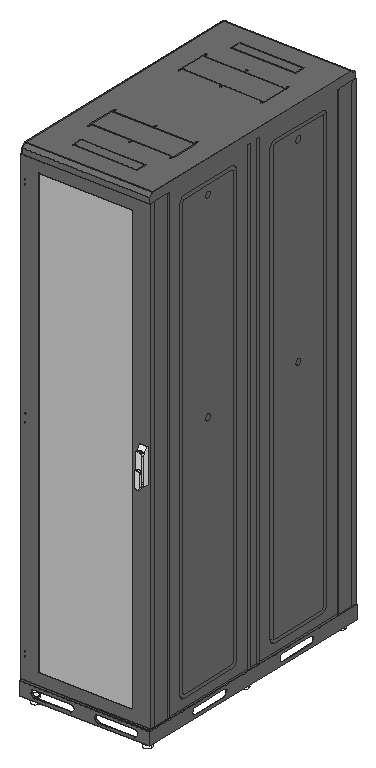
Revit family "600х1200", category Обобщенные модели, Revit 2019 (continued)
Definition of nested family "Дверь двустворчатая"
  Definition of nested family "Ручка"
    Forms (mm)
      Extrusion 2, solid, material <- "Материал Общий"
        sketch origin (0, 0, 0) x (1, 0, 0) y (0, 0, 1)
          loop
            arc (0, 725) -> (-10.607, 720.607) -> (-15, 710) r 15
            line (-15, 710) -> (-15, 600)
            arc (-15, 600) -> (-10.607, 589.393) -> (0, 585) r 15
            arc (0, 585) -> (10.607, 589.393) -> (15, 600) r 15
            line (15, 600) -> (15, 710)
            arc (15, 710) -> (10.607, 720.607) -> (0, 725) r 15
        from 20 to 30
      Extrusion 3, solid, material <- "Материал Общий"
        sketch origin (0, 0, 0) x (1, 0, 0) y (0, 0, 1)
          loop
            line (-12, 638) -> (-12, 582)
            arc (-12, 582) -> (-8.485, 573.515) -> (0, 570) r 12
            arc (0, 570) -> (8.485, 573.515) -> (12, 582) r 12
            line (12, 582) -> (12, 638)
            arc (12, 638) -> (8.485, 646.485) -> (0, 650) r 12
            arc (0, 650) -> (-8.485, 646.485) -> (-12, 638) r 12
        from 30 to 38
    Cuts and joins
      joined: Blend 1, Extrusion 2, Extrusion 3
    Lines and regions (mm)
      model lines
        curve 1: line (-17, 0, 660) -> (17, 0, 660)
        curve 2: line (0, 0, 740) -> (0, 0, 580)
    Dimensions and locks
      locked: plane 4 to plane 1 "ТТТТ" at 20
      locked: plane 5 to plane 4 at 10
      locked: plane 6 to plane 5 at 8
      locked: plane 7 to plane 2 at 300
      aligned and locked: level to plane 2
      aligned and locked: plane 4 to Blend 1
      aligned and locked: Blend 1 to plane 1 "ТТТТ"
      aligned and locked: Extrusion 2 to plane 4
      aligned and locked: plane 5 to Extrusion 2
      aligned and locked: Extrusion 3 to plane 5
      aligned and locked: plane 6 to Extrusion 3
Definition of nested family "ЭУ_ДВЕРЬ"
  Parameters (values of type "ЭУ_ДВЕРЬ")
    Глубина_Р [instance] = ADSK_Размер_Ширина / 5  # 160 mm
    ADSK_Размер_Ширина [instance] = 800 mm
    ADSK_Размер_Высота [instance] = 972 mm
  Reference planes
    plane 1 "По центру (Вперед/Назад)": y = 0
    plane 2: z = 0
    plane 3 "По центру (Влево/Вправо)": x = 0
    plane 4: x = 400
    plane 5: x = -400
    plane 6: y = -486
    plane 7: y = 486
    plane 8: y = 446
    plane 9: y = -426
    plane 10: x = 300
    plane 11: x = -300
    plane 12: y = 366
    plane 13: y = -346
    plane 14: x = 350
    plane 15: y = -441
    plane 16: y = -471
    plane 17: x = -140
    plane 18: x = 140
  Lines and regions (mm)
    detail lines, in view "Опорный уровень"
      curve 1: line (-400, 486, 0) -> (400, 486, 0)
      curve 2: line (-400, -486, 0) -> (-400, 486, 0)
      curve 3: line (400, -486, 0) -> (-400, -486, 0)
      curve 4: line (400, 486, 0) -> (400, -486, 0)
      curve 5: line (-400, -426, 0) -> (400, -426, 0)
      curve 6: line (400, 446, 0) -> (-400, 446, 0)
      curve 7: line (-300, 366, 0) -> (300, 366, 0)
      curve 8: line (-300, -346, 0) -> (-300, 366, 0)
      curve 9: line (300, -346, 0) -> (-300, -346, 0)
      curve 10: line (300, 366, 0) -> (300, -346, 0)
      curve 11: circle (350, 0, 0) r 30 normal (0, 0, 1)
      curve 12: line (-300, -441, 0) -> (-140, -441, 0)
      curve 13: line (-140, -471, 0) -> (-300, -471, 0)
      curve 14: line (140, -441, 0) -> (300, -441, 0)
      curve 15: line (300, -471, 0) -> (140, -471, 0)
      curve 16: arc (-300, -441, 0) -> (-315, -456, 0) -> (-300, -471, 0) r 15
      curve 17: arc (-140, -441, 0) -> (-125, -456, 0) -> (-140, -471, 0) r 15
      curve 18: arc (140, -441, 0) -> (125, -456, 0) -> (140, -471, 0) r 15
      curve 19: arc (300, -441, 0) -> (315, -456, 0) -> (300, -471, 0) r 15
  Dimensions and locks
    equal spacing: plane 6, plane 1 "По центру (Вперед/Назад)", plane 7
    "ADSK_Размер_Высота": plane 7 to plane 6
    equal spacing: plane 5, plane 3 "По центру (Влево/Вправо)", plane 4
    "ADSK_Размер_Ширина": plane 5 to plane 4
    locked: plane 6 to plane 9 at 60
    locked: plane 7 to plane 8 at 40
    locked: plane 8 to plane 12 at 80
    locked: plane 9 to plane 13 at 80
    locked: plane 5 to plane 11 at 100
    locked: plane 10 to plane 4 at 100
    equal spacing: plane 10, plane 14, plane 4
    locked: plane 15 to plane 9 at 15
    locked: plane 6 to plane 16 at 15
    "Глубина_Р": plane 11 to plane 17
    "Глубина_Р": plane 18 to plane 10
    aligned and locked: curve 1 to plane 7
    aligned and locked: plane 5 to curve 2
    aligned and locked: curve 3 to plane 6
    aligned and locked: curve 4 to plane 4
    aligned and locked: plane 8 to curve 6
    aligned and locked: plane 9 to curve 5
    aligned and locked: curve 7 to plane 12
    aligned and locked: plane 11 to curve 8
    aligned and locked: curve 9 to plane 13
    aligned and locked: curve 10 to plane 10
    aligned and locked: plane 15 to curve 12
    aligned and locked: plane 15 to curve 14
    aligned and locked: curve 15 to plane 16
    aligned and locked: curve 13 to plane 16
  Automatic sketch dimensions
    curve 13 to plane 11 = 0 mm
    curve 17 to plane 17 = 0 mm
    curve 18 to plane 18 = 0 mm
    curve 14 to plane 10 = 0 mm
    plane 1 "По центру (Вперед/Назад)" to curve 11 = 0 mm
    curve 11 to plane 14 = 0 mm
    radius of curve 11 = 30 mm
Definition of nested family "ЭУ_БОК"
  Parameters (values of type "ЭУ_БОК")
    Глубина_Р [instance] = ADSK_Размер_Глубина / 6  # 166.667 mm
    ADSK_Размер_Глубина [instance] = 1000 mm
    ADSK_Размер_Высота [instance] = 1500 mm
  Reference planes
    plane 1 "По центру (Вперед/Назад)": y = 0
    plane 2: z = 0
    plane 3 "По центру (Влево/Вправо)": x = 0
    plane 4: x = 500
    plane 5: x = -500
    plane 6: y = -750
    plane 7: y = 750
    plane 8: y = 710
    plane 9: y = -690
    plane 10: x = 450
    plane 11: x = 395
    plane 12: y = 640
    plane 13: y = -620
    plane 14: y = 580
    plane 15: y = -560
    plane 16 "По центру (В/О": y = -20
    plane 17 "По центру (В/П": y = 0
    plane 18 "По центру (В/Р": y = 20
    plane 19: x = 475
    plane 20: y = -704
    plane 21: y = -736
    plane 22: x = -228.333
    plane 23: x = 228.333
    plane 24: x = 420
    plane 25: x = -450
    plane 26: x = -395
    plane 27: x = -475
    plane 28: x = -420
  Lines and regions (mm)
    detail lines, in view "Опорный уровень"
      curve 1: line (-500, 750, 0) -> (500, 750, 0)
      curve 2: line (500, 750, 0) -> (500, -750, 0)
      curve 3: line (500, -750, 0) -> (-500, -750, 0)
      curve 4: line (-500, -750, 0) -> (-500, 750, 0)
      curve 5: line (-500, -690, 0) -> (500, -690, 0)
      curve 6: line (-395, 710, 0) -> (-395, -690, 0)
      curve 7: line (395, 710, 0) -> (395, -690, 0)
      curve 8: line (500, 710, 0) -> (-500, 710, 0)
      curve 9: line (475, -690, 0) -> (475, 710, 0)
      curve 10: line (-228.333, -736, 0) -> (-420, -736, 0)
      curve 11: line (-420, -704, 0) -> (-228.333, -704, 0)
      curve 12: arc (-420, -736, 0) -> (-436, -720, 0) -> (-420, -704, 0) r 16
      curve 13: arc (-228.333, -704, 0) -> (-212.333, -720, 0) -> (-228.333, -736, 0) r 16
      curve 14: line (228.333, -704, 0) -> (395, -704, 0)
      curve 15: line (395, -736, 0) -> (228.333, -736, 0)
      curve 16: arc (228.333, -704, 0) -> (212.333, -720, 0) -> (228.333, -736, 0) r 16
      curve 17: arc (395, -704, 0) -> (411, -720, 0) -> (395, -736, 0) r 16
      curve 18: line (-475, -690, 0) -> (-475, 710, 0)
  Dimensions and locks
    equal spacing: plane 6, plane 1 "По центру (Вперед/Назад)", plane 7
    "ADSK_Размер_Высота": plane 7 to plane 6
    equal spacing: plane 5, plane 3 "По центру (Влево/Вправо)", plane 4
    "ADSK_Размер_Глубина": plane 5 to plane 4
    locked: plane 7 to plane 8 at 40
    locked: plane 6 to plane 9 at 60
    locked: plane 10 to plane 4 at 50
    locked: plane 11 to plane 10 at 55
    locked: plane 9 to plane 13 at 70
    locked: plane 8 to plane 12 at 70
    locked: plane 12 to plane 14 at 60
    locked: plane 13 to plane 15 at 60
    plane 18 "По центру (В/Р" to plane 17 "По центру (В/П" to plane 16 "По центру (В/О" = 20 mm locked, 20 mm locked
    locked: plane 19 to plane 4 at 25
    locked: plane 24 to plane 4 at 80
    "Глубина_Р": plane 23 to plane 11
    locked: plane 20 to plane 9 at 14
    locked: plane 6 to plane 21 at 14
    locked: plane 26 to plane 25 at 55
    locked: plane 5 to plane 25 at 50
    "Глубина_Р": plane 26 to plane 22
    locked: plane 5 to plane 27 at 25
    locked: plane 5 to plane 28 at 80
    aligned and locked: plane 5 to curve 4
    aligned and locked: curve 3 to plane 6
    aligned and locked: curve 2 to plane 4
    aligned and locked: curve 1 to plane 7
    aligned and locked: plane 9 to curve 5
    aligned and locked: curve 7 to plane 11
    aligned and locked: plane 8 to curve 8
    aligned and locked: plane 19 to curve 9
    aligned and locked: plane 20 to curve 11
    aligned and locked: curve 10 to plane 21
    aligned and locked: plane 20 to curve 14
    aligned and locked: curve 15 to plane 21
    aligned and locked: plane 26 to curve 6
    aligned and locked: curve 18 to plane 27
  Automatic sketch dimensions
    curve 12 to plane 28 = 0 mm
    curve 13 to plane 22 = 0 mm
    curve 16 to plane 23 = 0 mm
    curve 17 to plane 11 = 0 mm
Definition of nested family "ЭУ_ВВЕРХ"
  Parameters (values of type "ЭУ_ВВЕРХ")
    ADSK_Размер_Ширина [instance] = 600 mm
    ADSK_Размер_Глубина [instance] = 800 mm
  Reference planes
    plane 1 "По центру (Вперед/Назад)": y = 0
    plane 2: z = 0
    plane 3 "По центру (Влево/Вправо)": x = 0
    plane 4: x = 300
    plane 5: x = -300
    plane 6: y = -400
    plane 7: y = 400
    plane 8: y = 350
    plane 9: y = -350
    plane 10: x = -250
    plane 11: x = 250
    plane 12: x = 210
    plane 13: x = -210
    plane 14: y = 280
    plane 15: y = -280
    plane 16: y = 220
    plane 17: y = -220
    plane 18 "По центру (В/О": y = -100
    plane 19 "По центру (В/П": y = 0
    plane 20 "По центру (В/Р": y = 100
  Lines and regions (mm)
    detail lines, in view "Опорный уровень"
      curve 1: line (-300, 400, 0) -> (300, 400, 0)
      curve 2: line (300, 400, 0) -> (300, -400, 0)
      curve 3: line (300, -400, 0) -> (-300, -400, 0)
      curve 4: line (-300, -400, 0) -> (-300, 400, 0)
      curve 5: line (-210, 350, 0) -> (210, 350, 0)
      curve 6: line (-210, 280, 0) -> (-210, 350, 0)
      curve 7: line (210, 280, 0) -> (-210, 280, 0)
      curve 8: line (210, 350, 0) -> (210, 280, 0)
      curve 9: line (-210, -280, 0) -> (210, -280, 0)
      curve 10: line (-210, -350, 0) -> (-210, -280, 0)
      curve 11: line (210, -350, 0) -> (-210, -350, 0)
      curve 12: line (210, -280, 0) -> (210, -350, 0)
      curve 13: line (-250, -100, 0) -> (250, -100, 0)
      curve 14: line (-250, -220, 0) -> (-250, -100, 0)
      curve 15: line (250, -220, 0) -> (-250, -220, 0)
      curve 16: line (250, -100, 0) -> (250, -220, 0)
      curve 17: line (-250, 220, 0) -> (250, 220, 0)
      curve 18: line (-250, 100, 0) -> (-250, 220, 0)
      curve 19: line (250, 100, 0) -> (-250, 100, 0)
      curve 20: line (250, 220, 0) -> (250, 100, 0)
  Dimensions and locks
    equal spacing: plane 6, plane 1 "По центру (Вперед/Назад)", plane 7
    "ADSK_Размер_Глубина": plane 7 to plane 6
    equal spacing: plane 5, plane 3 "По центру (Влево/Вправо)", plane 4
    "ADSK_Размер_Ширина": plane 5 to plane 4
    locked: plane 7 to plane 8 at 50
    locked: plane 6 to plane 9 at 50
    locked: plane 5 to plane 10 at 50
    locked: plane 11 to plane 4 at 50
    locked: plane 10 to plane 13 at 40
    locked: plane 12 to plane 11 at 40
    locked: plane 9 to plane 15 at 70
    locked: plane 8 to plane 14 at 70
    locked: plane 14 to plane 16 at 60
    locked: plane 15 to plane 17 at 60
    plane 20 "По центру (В/Р" to plane 19 "По центру (В/П" to plane 18 "По центру (В/О" = 100 mm locked, 100 mm locked
    aligned and locked: plane 5 to curve 4
    aligned and locked: curve 3 to plane 6
    aligned and locked: curve 2 to plane 4
    aligned and locked: curve 1 to plane 7
    aligned and locked: curve 5 to plane 8
    aligned and locked: plane 13 to curve 6
    aligned and locked: plane 14 to curve 7
    aligned and locked: curve 8 to plane 12
    aligned and locked: plane 15 to curve 9
    aligned and locked: plane 13 to curve 10
    aligned and locked: curve 11 to plane 9
    aligned and locked: curve 12 to plane 12
    aligned and locked: plane 18 "По центру (В/О" to curve 13
    aligned and locked: plane 10 to curve 14
    aligned and locked: curve 15 to plane 17
    aligned and locked: curve 16 to plane 11
    aligned and locked: curve 17 to plane 16
    aligned and locked: plane 20 "По центру (В/Р" to curve 19
    aligned and locked: plane 10 to curve 18
    aligned and locked: curve 20 to plane 11
Types (12, lengths in mm): name | Описание | Не двустворчатая дверь | Материал крепежей | Материал каркаса | Двустворчатая дверь | Высота окна | ADSK_Размер_Высота | ADSK_Наименование краткое | ADSK_Наименование | ADSK_Масса_Текст | ADSK_Марка | ADSK_Код изделия | ADSK_URL страницы изделия
  ШТ-НП-С-33U-600-1200-ПП-Ч | "Шкаф телекоммуникационный напольный серверный 19&quot;. 33U(600x1200) . ШТ-НП-С-33U-600-1200-ПП-Ч передняя перф. задняя перф. черн." | yes | Металл черный | Металл черный | no | 1558 | 1667 | "ШТ-НП-С-33U-600-1200-ПП-Ч" | "Шкаф телекоммуникационный напольный серверный 19&quot;. 33U(600x1200) . ШТ-НП-С-33U-600-1200-ПП-Ч передняя перф. задняя перф. черн." | "91.0" | "ШТ-НП-С-33U-600-1200-ПП-Ч" | "130411-01422" | "https://www.ssd.ru/shkaf-telekommunikatsionnyy-napolnyy-servernyy-chernyy-19-quot-33u-600x1000-sht-np-s-33u-600-1000-pp"
  ШТ-НП-С-33U-600-1200-П2П-Ч | "Шкаф телекоммуникационный напольный серверный 19&quot;. 33U(600x1200) . ШТ-НП-С-33U-600-1200-П2П-Ч передняя перф. задняя двустворчатая перф. черн." | no | Металл черный | Металл черный | yes | 1558 | 1667 | "ШТ-НП-С-33U-600-1200-П2П-Ч" | "Шкаф телекоммуникационный напольный серверный 19&quot;. 33U(600x1200) . ШТ-НП-С-33U-600-1200-П2П-Ч передняя перф. задняя двустворчатая перф. черн." | "91.0" | "ШТ-НП-С-33U-600-1200-П2П-Ч" | "130411-01423" | "https://www.ssd.ru/shkaf-telekommunikatsionnyy-napolnyy-servernyy-chernyy-19-quot-33u-600x1000-sht-np-s-33u-600-1000-p2"
  ШТ-НП-С-42U-600-1200-ПП-Ч | "Шкаф телекоммуникационный напольный серверный 19&quot;.42U(600x1200) . ШТ-НП-С-42U-600-1200-ПП-Ч передняя и задняя дверь перфорированная черн." | yes | Металл черный | Металл черный | no | 1958 | 2067 | "ШТ-НП-С-42U-600-1200-ПП-Ч" | "Шкаф телекоммуникационный напольный серверный 19&quot;.42U(600x1200) . ШТ-НП-С-42U-600-1200-ПП-Ч передняя и задняя дверь перфорированная черн." | "92.0" | "ШТ-НП-С-42U-600-1200-ПП-Ч" | "130411-01424" | "https://www.ssd.ru/shkaf-telekommunikatsionnyy-napolnyy-servernyy-chernyy-19-quot-42u-600x1000-sht-np-s-42u-600-1000-pp"
  ШТ-НП-С-42U-600-1200-П2П-Ч | "Шкаф телекоммуникационный напольный серверный 19&quot;.42U(600x1200) . ШТ-НП-С-42U-600-1200-П2П-Ч передняя перф. задняя двустворчатая перф. черн." | no | Металл черный | Металл черный | yes | 1958 | 2067 | "ШТ-НП-С-42U-600-1200-П2П-Ч" | "Шкаф телекоммуникационный напольный серверный 19&quot;.42U(600x1200) . ШТ-НП-С-42U-600-1200-П2П-Ч передняя перф. задняя двустворчатая перф. черн." | "92.0" | "ШТ-НП-С-42U-600-1200-П2П-Ч" | "130411-01263" | "https://www.ssd.ru/shkaf-telekommunikatsionnyy-napolnyy-servernyy-19-quot-42u-600x1000-sht-np-s-42u-600-1000-p2p-ch-per"
  ШТ-НП-С-47U-600-1200-ПП-Ч | "Шкаф телекоммуникационный напольный серверный 19&quot;.47U(600x1200) . ШТ-НП-С-47U-600-1200-ПП-Ч передняя и задняя дверь перфорированная черн." | yes | Металл черный | Металл черный | no | 2180 | 2289 | "ШТ-НП-С-47U-600-1200-ПП-Ч" | "Шкаф телекоммуникационный напольный серверный 19&quot;.47U(600x1200) . ШТ-НП-С-47U-600-1200-ПП-Ч передняя и задняя дверь перфорированная черн." | "110.0" | "ШТ-НП-С-47U-600-1200-ПП-Ч" | "130411-01425" | "https://www.ssd.ru/shkaf-telekommunikatsionnyy-napolnyy-servernyy-chernyy-19-quot-47u-600x1000-sht-np-s-47u-600-1000-pp"
  ШТ-НП-С-47U-600-1200-П2П-Ч | "Шкаф телекоммуникационный напольный серверный 19&quot;. 47U(600x1200) . ШТ-НП-С-47U-600-1200-П2П-Ч передняя перф. задняя двустворчатая перф. черн." | no | Металл черный | Металл черный | yes | 2180 | 2289 | "ШТ-НП-С-47U-600-1200-П2П-Ч" | "Шкаф телекоммуникационный напольный серверный 19&quot;. 47U(600x1200) . ШТ-НП-С-47U-600-1200-П2П-Ч передняя перф. задняя двустворчатая перф. черн." | "110.0" | "ШТ-НП-С-47U-600-1200-П2П-Ч" | "130411-01426" | "https://www.ssd.ru/shkaf-telekommunikatsionnyy-napolnyy-serverny-chernyy-19-quot-47u-600x1000-sht-np-s-47u-600-1000-p2p"
  ШТ-НП-С-33U-600-1200-ПП | "Шкаф телекоммуникационный напольный серверный 19&quot;.33U(600x1200) . ШТ-НП-С-33U-600-1200-ПП передняя.задняя двери перфорированные ССД" | yes | Металл | Металл | no | 1558 | 1667 | "ШТ-НП-С-33U-600-1200-ПП" | "Шкаф телекоммуникационный напольный серверный 19&quot;.33U(600x1200) . ШТ-НП-С-33U-600-1200-ПП передняя.задняя двери перфорированные ССД" | "91.0" | "ШТ-НП-С-33U-600-1200-ПП" | "130411-00921" | "https://www.ssd.ru/shkaf-telekommunikatsionnyy-napolnyy-servernyy-19-quot-33u-600x1000-sht-np-s-33u-600-1000-pp-perednya"
  ШТ-НП-С-33U-600-1200-П2П | "Шкаф телекоммуникационный напольный серверный 19&quot;.33U(600x1200) . ШТ-НП-С-33U-600-1200-П2П передняя дверь перфорипрованная.задняя перф.двойная. ССД" | no | Металл | Металл | yes | 1558 | 1667 | "ШТ-НП-С-33U-600-1200-П2П" | "Шкаф телекоммуникационный напольный серверный 19&quot;.33U(600x1200) . ШТ-НП-С-33U-600-1200-П2П передняя дверь перфорипрованная.задняя перф.двойная. ССД" | "91.0" | "ШТ-НП-С-33U-600-1200-П2П" | "130411-00922" | "https://www.ssd.ru/shkaf-telekommunikatsionnyy-napolnyy-servernyy-19-quot-33u-600x1000-sht-np-s-33u-600-1000-p2p-peredn"
  ШТ-НП-С-42U-600-1200-ПП | "Шкаф телекоммуникационный напольный серверный 19&quot;.42U(600x1200) . ШТ-НП-С-42U-600-1200-ПП передняя.задняя двери перфорированные ССД" | yes | Металл | Металл | no | 1958 | 2067 | "ШТ-НП-С-42U-600-1200-ПП" | "Шкаф телекоммуникационный напольный серверный 19&quot;.42U(600x1200) . ШТ-НП-С-42U-600-1200-ПП передняя.задняя двери перфорированные ССД" | "92.0" | "ШТ-НП-С-42U-600-1200-ПП" | "130411-00923" | "https://www.ssd.ru/shkaf-telekommunikatsionnyy-napolnyy-servernyy-19-quot-42u-600x1000-sht-np-s-42u-600-1000-pp-perednya"
  ШТ-НП-С-42U-600-1200-П2П | "Шкаф телекоммуникационный напольный серверный 19&quot;.42U(600x1200) . ШТ-НП-С-42U-600-1200-П2П передняя дверь перфорированная.задняя перф.двойная. ССД" | no | Металл | Металл | yes | 1958 | 2067 | "ШТ-НП-С-42U-600-1200-П2П" | "Шкаф телекоммуникационный напольный серверный 19&quot;.42U(600x1200) . ШТ-НП-С-42U-600-1200-П2П передняя дверь перфорированная.задняя перф.двойная. ССД" | "92.0" | "ШТ-НП-С-42U-600-1200-П2П" | "130411-00924" | "https://www.ssd.ru/shkaf-telekommunikatsionnyy-napolnyy-servernyy-19-quot-42u-600x1000-sht-np-s-42u-600-1000-p2p-peredn"
  ШТ-НП-С-47U-600-1200-ПП | "Шкаф телекоммуникационный напольный серверный 19&quot;.47U(600x1200) . ШТ-НП-С-47U-600-1200-ПП передняя.задняя двери перфорированные ССД" | yes | Металл | Металл | no | 2180 | 2289 | "ШТ-НП-С-47U-600-1200-ПП" | "Шкаф телекоммуникационный напольный серверный 19&quot;.47U(600x1200) . ШТ-НП-С-47U-600-1200-ПП передняя.задняя двери перфорированные ССД" | "110.0" | "ШТ-НП-С-47U-600-1200-ПП" | "130411-00925" | "https://www.ssd.ru/shkaf-telekommunikatsionnyy-napolnyy-servernyy-19-quot-47u-600x1000-sht-np-s-47u-600-1000-pp-perednya"
  ШТ-НП-С-47U-600-1200-П2П | "Шкаф телекоммуникационный напольный серверный 19&quot;.47U(600x1200) . ШТ-НП-С-47U-600-1200-П2П передняя дверь перфорипрованная.задняя перф.двойная. ССД" | no | Металл | Металл | yes | 2180 | 2289 | "ШТ-НП-С-47U-600-1200-П2П" | "Шкаф телекоммуникационный напольный серверный 19&quot;.47U(600x1200) . ШТ-НП-С-47U-600-1200-П2П передняя дверь перфорипрованная.задняя перф.двойная. ССД" | "110.0" | "ШТ-НП-С-47U-600-1200-П2П" | "130411-00926" | "https://www.ssd.ru/shkaf-telekommunikatsionnyy-napolnyy-servernyy-19-quot-47u-600x1000-sht-np-s-47u-600-1000-p2p-peredn"
